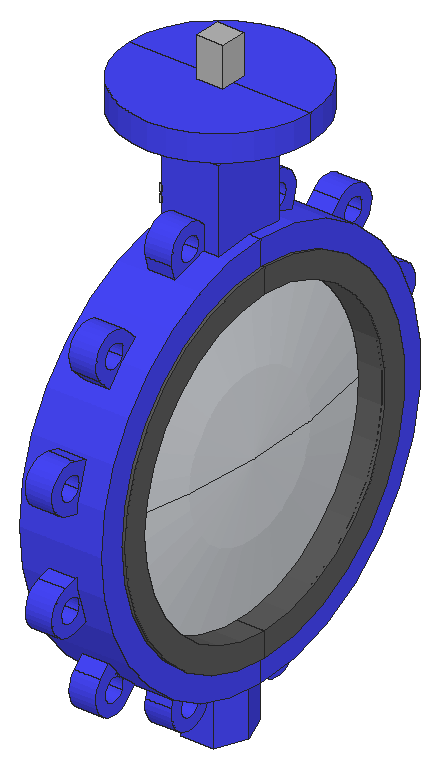
Revit family "931-20-001 DN250-350", category Pipe Accessories, Revit 2022
Family settings
  Round Connector Dimension = Use Diameter
  Part Type = Valve - Breaks Into
  Work Plane-Based = No
  Always vertical = Yes
  Cut with Voids When Loaded = No
  Shared = No
Parameters (values of type "DN250 PN10")
  wafer_fillet = wafer / 2  # 46.875 mm
  wafer_dim2 = size_lookup(Search_table, "wafer_dim2", 0 mm, DN)  # 86 mm
  wafer_dim1 = size_lookup(Search_table, "wafer_dim1", 0 mm, DN)  # 31 mm
  wafer_F = size_lookup(Search_table, "wafer_F", 0 mm, DN)  # 28 mm
  wafer = Actuator_Flange_R * 1.5  # 93.75 mm
  support = size_lookup(Search_table, "support", 0 mm, DN)  # 210 mm
  rubber = (D - Bore_R) / 2  # 20 mm
  logo = D + 10 mm  # 175 mm
  hole1 = G / 2  # 11 mm
  disk22 = disk * 1.3  # 14.3 mm
  disk2 = size_lookup(Search_table, "disk2", 0 mm, DN)  # 250 mm
  disk11 = disk1 * 1.3  # 28.6 mm
  disk1 = size_lookup(Search_table, "disk1", 0 mm, DN)  # 22 mm
  disk = size_lookup(Search_table, "disk", 0 mm, DN)  # 11 mm
  base_dis = D * 1.18  # 194.7 mm
  base1 = C / 5  # 13.6 mm
  base = C * 0.7 / 2  # 23.8 mm
  URL_product_pages = "https://www.avkvalves.com/P.aspx?no=93125020010020200000"
  Slot_dim = size_lookup(Search_table, "Slot_dim", 0 mm, DN) / 2  # 19 mm
  Search_table = "931-20-001 DN250-350"
  PCD_R = size_lookup(Search_table, "PCD_R", 0 mm, DN)  # 175 mm
  Hole1 = size_lookup(Search_table, "Hole1", 0 mm, DN)  # 19 mm
  Hole = G * 1.1  # 24.2 mm
  H = size_lookup(Search_table, "H", 0 mm, DN) / 2  # 75 mm
  G = size_lookup(Search_table, "G", 0 mm, DN)  # 22 mm
  Flange_T = size_lookup(Search_table, "Flange_T", 0 mm, DN)  # 22 mm
  Flange_R = size_lookup(Search_table, "Flange_R", 0 mm, DN)  # 200 mm
  F = size_lookup(Search_table, "F", 0 mm, DN)  # 32 mm
  E = size_lookup(Search_table, "E", 0 mm, DN)  # 273 mm
  Description_ = "AVK BUTTERFLY VALVE, LUG, PN10/16"
  Default Elevation = 0 mm
  DN350_PN16 = "931-350-20-020020200000"
  DN350_PN10 = "931-350-20-010020200000"
  DN300_PN16 = "931-300-20-020020200000"
  DN300_PN10 = "931-300-20-010020200000"
  DN250 PN16 = "931-250-20-020020200000"
  DN250 PN10 = "931-250-20-010020200000"
  DN = 250 mm
  DISK = 0 mm
  D = size_lookup(Search_table, "D", 0 mm, DN) / 2  # 165 mm
  C = size_lookup(Search_table, "C", 0 mm, DN)  # 68 mm
  Bore_R = size_lookup(Search_table, "Bore_R", 0 mm, DN)  # 125 mm
  Body_thickness = B1 * 1.05  # 132.3 mm
  Body_dim1 = C * 0.7  # 47.6 mm
  Body_dim = Actuator_Flange_R * 0.5  # 31.25 mm
  Body_Thickness = size_lookup(Search_table, "Body_Thickness", 0 mm, DN)  # 8 mm
  B1 = B + 1 mm  # 126 mm
  B = size_lookup(Search_table, "B", 0 mm, DN) / 2  # 125 mm
  Actuator_Flange_R = size_lookup(Search_table, "Actuator_Flange_R", 0 mm, DN) / 2  # 62.5 mm
  Actuator_FL_T = size_lookup(Search_table, "Actuator_FL_T", 0 mm, DN)  # 22 mm
  2 = 3 mm  # constant formula
  1 = 1 mm  # constant formula
Types (7, lengths in mm): name | wafer_fillet | wafer_dim2 | wafer_dim1 | wafer_F | wafer | support | rubber | logo | hole1 | disk22 | disk2 | disk11 | disk1 | disk | base_dis | base1 | base | PCD_R | Hole1 | Hole | H | G | Flange_T | Flange_R | E | DN | D | C | Bore_R | Body_thickness | Body_dim1 | Body_dim | Body_Thickness | B1 | B | Actuator_Flange_R | Actuator_FL_T
  (no name) | 46.875 | 86 | 31 | 28 | 93.75 | 210 | 20 | 175 | 11 | 14.3 | 250 | 28.6 | 22 | 11 | 194.7 | 13.6 | 23.8 | 175 | 19 | 24.2 | 75 | 22 | 22 | 200 | 273 | 250 | 165 | 68 | 125 | 132.3 | 47.6 | 31.25 | 8 | 126 | 125 | 62.5 | 22
  DN250 PN10 | 46.875 | 86 | 31 | 28 | 93.75 | 210 | 20 | 175 | 11 | 14.3 | 250 | 28.6 | 22 | 11 | 194.7 | 13.6 | 23.8 | 175 | 19 | 24.2 | 75 | 22 | 22 | 200 | 273 | 250 | 165 | 68 | 125 | 132.3 | 47.6 | 31.25 | 8 | 126 | 125 | 62.5 | 22
  DN250 PN16 | 46.875 | 78 | 32 | 28 | 93.75 | 210 | 20 | 175 | 11 | 15.6 | 250 | 28.6 | 22 | 12 | 194.7 | 13.6 | 23.8 | 177.5 | 19 | 24.2 | 75 | 22 | 20 | 200 | 273 | 250.1 | 165 | 68 | 125 | 132.3 | 47.6 | 31.25 | 8 | 126 | 125 | 62.5 | 20
  DN300_PN10 | 46.875 | 90 | 38 | 29 | 93.75 | 238 | 19 | 198 | 11 | 15.6 | 300 | 28.6 | 22 | 12 | 221.84 | 15.6 | 27.3 | 200 | 21 | 24.2 | 75 | 22 | 24.5 | 227.5 | 311 | 300 | 188 | 78 | 150 | 158.55 | 54.6 | 31.25 | 8 | 151 | 150 | 62.5 | 20
  DN300_PN16 | 46.875 | 85 | 40 | 29 | 93.75 | 238 | 19 | 198 | 11 | 15.6 | 300 | 29.9 | 23 | 12 | 221.84 | 15.6 | 27.3 | 205 | 21 | 24.2 | 75 | 22 | 24.5 | 227.5 | 311 | 300.1 | 188 | 78 | 150 | 158.55 | 54.6 | 31.25 | 8 | 151 | 150 | 62.5 | 20
  DN350_PN10 | 56.25 | 112.5 | 24.5 | 40 | 112.5 | 248 | 19 | 223 | 13.5 | 19.5 | 348 | 35.1 | 27 | 15 | 251.34 | 15.6 | 27.3 | 230 | 23.5 | 29.7 | 87.5 | 27 | 24.5 | 200 | 306 | 350 | 213 | 78 | 175 | 183.75 | 54.6 | 37.5 | 2 | 175 | 174 | 75 | 20
  DN350_PN16 | 56.25 | 112.5 | 26.5 | 40 | 112.5 | 248 | 19 | 223 | 13.5 | 19.5 | 348 | 35.1 | 27 | 15 | 251.34 | 15.6 | 27.3 | 235 | 23.5 | 29.7 | 87.5 | 27 | 26.5 | 200 | 306 | 350.1 | 213 | 78 | 175 | 183.75 | 54.6 | 37.5 | 2 | 175 | 174 | 75 | 20
Reference planes
  plane 1 "Center (Front/Back)": y = 0
  plane 2: z = 0
  plane 3 "Center (Left/Right)": x = 0
  plane 4: z = 227.5
  plane 5: x = -34
  plane 6: x = 34
  plane 7: z = 125
  plane 8: z = 273
  plane 9: z = 305
  plane 10: x = -11
  plane 11: x = 11
  plane 12: z = -62.5
  plane 13: z = 62.5
  plane 14: y = 11
  plane 15: y = -11
  plane 16: y = 11
  plane 17: y = -11
  plane 18: x = -23.8
  plane 19: x = 23.8
  plane 20: y = 31.25
  plane 21: y = -31.25
  plane 22: z = 251
  plane 23: z = 165
  plane 24: z = 133
  plane 25: z = 251
  plane 26: x = -37
  plane 27: x = 37
  plane 28: x = -75
  plane 29: x = 75
  plane 30: z = 125
  plane 31: z = -125
  plane 32: z = -125
  plane 33: z = 125
  plane 34: x = -11
  plane 35: x = 11
  plane 36: y = 23.8
  plane 37: y = -23.8
  plane 38: x = -12.469
  plane 39: x = 12.469
  plane 40: z = 165
  plane 41: z = -165
  plane 42: through (0, 0, 0) normal (0, 0.2588, 0.9659)
  plane 43: through (0, 0, 0) normal (0, -0.2588, 0.9659)
  plane 44: through (0, 0, 0) normal (0, 0.9659, -0.2588)
  plane 45: through (0, 0, 0) normal (0, 0.9659, 0.2588)
  plane 46: through (0, 0, 0) normal (0, 0.7071, 0.7071)
  plane 47: through (0, 0, 0) normal (0, 0.7071, -0.7071)
  plane 48: through (0, 0, 0) normal (0, 0.7071, -0.7071)
  plane 49: through (0, 0, 0) normal (0, 0.7071, 0.7071)
  plane 50: z = 175
Forms (mm)
  Revolve 1, solid, material "Default Roof"
    sketch origin (0, 0, 0) x (1, 0, 0) y (0, 0, 1)
      loop
        line (-34, 126) -> (34, 126) -> (34, 165) -> (-34, 165) -> (-34, 126)
      axis (-34, 0) -> (34, 0)
    angle from 0 to 360
  Revolve 2, solid, material "Default Roof"
    sketch origin (0, 0, 0) x (1, 0, 0) y (0, 0, 1)
      loop
        line (0, 273) -> (0, 251) -> (75, 251) -> (75, 273) -> (0, 273)
      axis (0, 273) -> (0, 251)
    angle from 0 to 360
  Extrusion 3, solid, material "Default Wall"
    sketch origin (0, 0, 0) x (1, 0, 0) y (0, 0, 1)
      loop
        line (-11, 305) -> (-11, 273) -> (11, 273) -> (11, 305) -> (-11, 305)
    from -11 to 11
  Extrusion 4, solid, material "Default Roof"
    sketch origin (0, 0, 0) x (1, 0, 0) y (0, 0, 1)
      loop
        line (-23.8, 251) -> (-23.8, 125) -> (23.8, 125) -> (23.8, 251) -> (-23.8, 251)
    from -31.25 to 31.25
  Extrusion 5, void
    sketch origin (0, 0, 0) x (0, 1, 0) y (0, 0, 1)
      loop
        line (31.25, 251) -> (9.25, 251) -> (9.25, 229) -> (31.25, 229) -> (31.25, 251)
      loop
        line (-9.25, 251) -> (-31.25, 251) -> (-31.25, 229) -> (-9.25, 229) -> (-9.25, 251)
    from 12 to 34
  Extrusion 6, void
    sketch origin (0, 0, 0) x (0, 1, 0) y (0, 0, 1)
      loop
        line (9.25, 229) -> (31.25, 229) -> (31.25, 251) -> (9.25, 251) -> (9.25, 229)
      loop
        line (-9.25, 251) -> (-31.25, 251) -> (-31.25, 229) -> (-9.25, 229) -> (-9.25, 251)
    from -34 to -12
  Revolve 7, solid, material "Default"
    sketch origin (0, 0, 0) x (1, 0, 0) y (0, 0, 1)
      loop
        line (-37, 145) -> (-37, 125) -> (37, 125) -> (37, 145) -> (34, 145) -> (34, 126) -> (-34, 126) -> (-34, 145) -> (-37, 145)
      axis (-37, 0) -> (37, 0)
    angle from 0 to 360
  Extrusion 8, solid, material "Default Roof"
    sketch origin (0, 0, 0) x (1, 0, 0) y (0, 1, 0)
      loop
        line (-23.8, 0) -> (-13.6, -23.8) -> (13.6, -23.8) -> (23.8, 0) -> (13.6, 23.8) -> (-13.6, 23.8) -> (-23.8, 0)
    from -210 to -128
  Revolve 9, solid
    sketch origin (0, 0, 0) x (1, 0, 0) y (0, 1, 0)
      loop
        line (-28.6, 0) -> (28.6, 0)
        arc (28.6, 0) -> (25.141, 62.922) -> (14.3, 125) r 534.462
        line (14.3, 125) -> (-14.3, 125)
        arc (-14.3, 125) -> (-25.141, 62.922) -> (-28.6, 0) r 534.462
      axis (-28.6, 0) -> (28.6, 0)
    angle from 0 to 360
  Extrusion 10, solid, material "Default Roof"
    sketch origin (0, 0, 0) x (0, -0.92388, 0.382683) y (0, -0.382683, -0.92388)
      loop
        arc (3.976, -175.758) -> (25.21, -192.355) -> (41.68, -171.023) r 19
        line (41.68, -171.023) -> (28.093, -67.822) -> (91.46, -150.403)
        arc (91.46, -150.403) -> (118.189, -153.841) -> (121.468, -127.091) r 19
        line (121.468, -127.091) -> (55.899, -43.72) -> (154.408, -84.523)
        arc (154.408, -84.523) -> (179.233, -74.241) -> (168.95, -49.416) r 19
        line (168.95, -49.416) -> (72.782, -9.582) -> (175.983, 4.005)
        arc (175.983, 4.005) -> (192.34, 25.322) -> (171.023, 41.68) r 19
        line (171.023, 41.68) -> (67.822, 28.093) -> (150.403, 91.46)
        arc (150.403, 91.46) -> (153.911, 118.1) -> (127.27, 121.607) r 19
        line (127.27, 121.607) -> (44.689, 58.24) -> (84.523, 154.408)
        arc (84.523, 154.408) -> (74.241, 179.233) -> (49.416, 168.95) r 19
        line (49.416, 168.95) -> (9.582, 72.782) -> (-4.005, 175.983)
        arc (-4.005, 175.983) -> (-25.322, 192.34) -> (-41.68, 171.023) r 19
        line (-41.68, 171.023) -> (-28.093, 67.822) -> (-91.46, 150.403)
        arc (-91.46, 150.403) -> (-118.1, 153.911) -> (-121.607, 127.27) r 19
        line (-121.607, 127.27) -> (-58.24, 44.689) -> (-154.408, 84.523)
        arc (-154.408, 84.523) -> (-179.233, 74.241) -> (-168.95, 49.416) r 19
        line (-168.95, 49.416) -> (-72.782, 9.582) -> (-175.983, -4.005)
        arc (-175.983, -4.005) -> (-192.34, -25.322) -> (-171.023, -41.68) r 19
        line (-171.023, -41.68) -> (-67.822, -28.093) -> (-150.403, -91.46)
        arc (-150.403, -91.46) -> (-153.911, -118.1) -> (-127.27, -121.607) r 19
        line (-127.27, -121.607) -> (-44.689, -58.24) -> (-84.523, -154.408)
        arc (-84.523, -154.408) -> (-74.241, -179.233) -> (-49.416, -168.95) r 19
        line (-49.416, -168.95) -> (-8.612, -70.441) -> (3.976, -175.758)
      loop
        circle (22.842, -173.503) r 9.5
      loop
        circle (138.837, 106.533) r 9.5
      loop
        circle (173.503, 22.842) r 9.5
      loop
        circle (161.679, -66.97) r 9.5
      loop
        circle (106.533, -138.837) r 9.5
      loop
        circle (-66.97, -161.679) r 9.5
      loop
        circle (-138.837, -106.533) r 9.5
      loop
        circle (-173.503, -22.842) r 9.5
      loop
        circle (-161.679, 66.97) r 9.5
      loop
        circle (-106.533, 138.837) r 9.5
      loop
        circle (-22.842, 173.503) r 9.5
      loop
        circle (66.97, 161.679) r 9.5
    from -11 to 11
Cuts and joins
  Extrusion 5, Extrusion 6 cuts Revolve 2
  Extrusion 5, Extrusion 6 cuts Extrusion 4
Dimensions and locks
  "B": plane 7 to level
  equal spacing: plane 6, plane 3 "Center (Left/Right)", plane 5
  "C": plane 6 to plane 5
  "E": plane 8 to level
  equal spacing: plane 11, plane 3 "Center (Left/Right)", plane 10
  "G": plane 11 to plane 10
  "F": plane 9 to plane 8
  equal spacing: plane 13, level, plane 12
  "B": plane 13 to plane 12
  "H": Revolve 2 sketch curve to plane 3 "Center (Left/Right)"
  "Actuator_FL_T": plane 8 to Revolve 2 sketch curve
  equal spacing: Extrusion 3 sketch curve, plane 3 "Center (Left/Right)", Extrusion 3 sketch curve
  equal spacing: plane 14, plane 1 "Center (Front/Back)", plane 15
  "G": plane 14 to plane 15
  equal spacing: plane 16, plane 1 "Center (Front/Back)", plane 17
  "G": plane 16 to plane 17
  equal spacing: Extrusion 4 sketch curve, plane 3 "Center (Left/Right)", Extrusion 4 sketch curve
  "Actuator_FL_T": plane 8 to Extrusion 4 sketch curve
  equal spacing: plane 19, plane 3 "Center (Left/Right)", plane 18
  "Body_dim1": plane 19 to plane 18
  equal spacing: plane 20, plane 1 "Center (Front/Back)", plane 21
  "Body_dim": plane 20 to plane 1 "Center (Front/Back)"
  "Actuator_FL_T": plane 8 to Extrusion 5 sketch curve
  "Flange_T": plane 20 to Extrusion 5 sketch curve
  "Actuator_FL_T": plane 8 to plane 22
  "Flange_T": plane 22 to Extrusion 5 sketch curve
  equal spacing: Extrusion 5 sketch curve, plane 1 "Center (Front/Back)", Extrusion 5 sketch curve
  "G": plane 6 to cut or joined group of Extrusion 4, Extrusion 5, Extrusion 6
  "G": cut or joined group of Extrusion 4, Extrusion 5, Extrusion 6 to plane 5
  equal spacing: Revolve 7 sketch curve, plane 3 "Center (Left/Right)", Revolve 7 sketch curve  (x2)
  "2": plane 5 to Revolve 7 sketch curve
  "B1": Revolve 1 sketch curve to level
  "D": plane 23 to level
  "rubber": Revolve 7 sketch curve to plane 7
  "Body_Thickness": plane 24 to plane 7
  "Actuator_FL_T": plane 8 to plane 25
  "Flange_T": plane 25 to cut or joined group of Extrusion 4, Extrusion 5, Extrusion 6
  equal spacing: cut or joined group of Extrusion 4, Extrusion 5, Extrusion 6, plane 1 "Center (Front/Back)", cut or joined group of Extrusion 4, Extrusion 5, Extrusion 6
  "Flange_T": plane 20 to cut or joined group of Extrusion 4, Extrusion 5, Extrusion 6
  equal spacing: plane 27, plane 3 "Center (Left/Right)", plane 26
  "2": plane 5 to plane 26
  plane 27 to plane 26 = 74 mm
  equal spacing: plane 29, plane 3 "Center (Left/Right)", plane 28
  "H": plane 29 to plane 3 "Center (Left/Right)"
  equal spacing: plane 31, level, plane 30
  "disk2": plane 31 to plane 30
  "1": plane 30 to Revolve 7 sketch curve
  plane 6 to plane 5 = 68 mm  (x2)
  plane 28 to plane 29 = 150 mm
  equal spacing: plane 33, level, plane 32
  "disk2": plane 7 to plane 32
  equal spacing: plane 34, plane 3 "Center (Left/Right)", plane 35
  "G": plane 35 to plane 34
  equal spacing: plane 37, plane 1 "Center (Front/Back)", plane 36
  equal spacing: plane 38, plane 3 "Center (Left/Right)", plane 39
  equal spacing: Extrusion 8 sketch curve, plane 3 "Center (Left/Right)", Extrusion 8 sketch curve  (x3)
  "base": plane 1 "Center (Front/Back)" to plane 36
  "base": Extrusion 8 sketch curve to plane 3 "Center (Left/Right)"
  "base1": Extrusion 8 sketch curve to plane 3 "Center (Left/Right)"  (x2)
  "support": level to Extrusion 8
  "2": plane 32 to Extrusion 8
  equal spacing: plane 40, level, plane 41
  plane 40 to plane 41 = 330 mm
  "D": plane 40 to level
  plane 29 to plane 28 = 150 mm
  equal spacing: Revolve 9 sketch curve, plane 3 "Center (Left/Right)", Revolve 9 sketch curve  (x2)
  "disk11": Revolve 9 sketch curve to plane 3 "Center (Left/Right)"
  "disk22": Revolve 9 sketch curve to plane 3 "Center (Left/Right)"
  "B": plane 1 "Center (Front/Back)" to Revolve 9 sketch curve
  "Slot_dim": plane 44 to Extrusion 10 sketch curve
  "PCD_R": Extrusion 10 sketch curve to plane 42
  "PCD_R": plane 43 to Extrusion 10 sketch curve
  "Slot_dim": plane 45 to Extrusion 10 sketch curve
  "Slot_dim": plane 46 to Extrusion 10 sketch curve
  equal spacing: Extrusion 10 sketch curve, plane 46, Extrusion 10 sketch curve  (x2)
  "PCD_R": Extrusion 10 sketch curve to plane 47
  "Slot_dim": Extrusion 10 sketch curve to plane 43
  equal spacing: Extrusion 10 sketch curve, plane 43, Extrusion 10 sketch curve  (x2)
  "PCD_R": plane 45 to Extrusion 10 sketch curve
  "Slot_dim": Extrusion 10 sketch curve to plane 42
  equal spacing: Extrusion 10 sketch curve, plane 42, Extrusion 10 sketch curve  (x2)
  "PCD_R": Extrusion 10 sketch curve to plane 44
  "PCD_R": plane 47 to Extrusion 10 sketch curve
  "Slot_dim": Extrusion 10 sketch curve to plane 46
  "Slot_dim": Extrusion 10 sketch curve to plane 45
  equal spacing: Extrusion 10 sketch curve, plane 45, Extrusion 10 sketch curve
  "Slot_dim": Extrusion 10 sketch curve to plane 44
  "PCD_R": Extrusion 10 sketch curve to plane 43
  "PCD_R": plane 42 to Extrusion 10 sketch curve
  equal spacing: Extrusion 10 sketch curve, plane 44, Extrusion 10 sketch curve
  "Slot_dim": plane 47 to Extrusion 10 sketch curve  (x2)
  equal spacing: Extrusion 10 sketch curve, plane 47, Extrusion 10 sketch curve  (x2)
  "PCD_R": plane 46 to Extrusion 10 sketch curve
  "Slot_dim": plane 43 to Extrusion 10 sketch curve
  "PCD_R": Extrusion 10 sketch curve to plane 45
  "PCD_R": Extrusion 10 sketch curve to plane 46
  "PCD_R": plane 44 to Extrusion 10 sketch curve
  "Slot_dim": plane 42 to Extrusion 10 sketch curve
  equal spacing: Extrusion 10, level, Extrusion 10  (x2)
  equal spacing: Extrusion 10, plane 1 "Center (Front/Back)", Extrusion 10  (x2)
  equal spacing: Extrusion 10, plane 49, Extrusion 10
  equal spacing: Extrusion 10, plane 48, Extrusion 10
  "logo": plane 50 to level
  "Hole1": diameter of Extrusion 10 sketch curve  (x12)
  angle plane 1 "Center (Front/Back)" to plane 44 = 15.00°  (x2)
  angle plane 45 to plane 1 "Center (Front/Back)" = 15.00°  (x2)
  angle level to plane 42 = 15.00°  (x2)
  angle plane 43 to level = 15.00°  (x2)
  angle level to plane 46 = 45.00°
  angle plane 1 "Center (Front/Back)" to plane 47 = 45.00°
  angle level to plane 49 = 45.00°
  angle plane 48 to level = 45.00°
  aligned and locked: level to plane 2
  aligned and locked: plane 5 to Revolve 1 sketch curve
  aligned and locked: plane 6 to Revolve 1 sketch curve
  aligned and locked: Revolve 1 sketch curve to level
  aligned and locked: plane 3 "Center (Left/Right)" to Revolve 2 sketch curve
  aligned and locked: Revolve 2 sketch curve to plane 8
  aligned and locked: Revolve 2 sketch curve to plane 3 "Center (Left/Right)"
  aligned and locked: plane 10 to Extrusion 3 sketch curve
  aligned and locked: plane 8 to Extrusion 3 sketch curve
  aligned and locked: Extrusion 3 sketch curve to plane 9
  aligned and locked: Extrusion 3 to plane 16
  aligned and locked: Extrusion 3 to plane 17
  aligned and locked: Extrusion 4 sketch curve to plane 18
  aligned and locked: plane 7 to Extrusion 4 sketch curve
  aligned and locked: Extrusion 4 to plane 20
  aligned and locked: Extrusion 4 to plane 21
  aligned and locked: Extrusion 5 sketch curve to plane 22
  aligned and locked: plane 21 to Extrusion 5 sketch curve
  aligned and locked: Extrusion 5 sketch curve to Extrusion 5 sketch curve
  aligned and locked: plane 6 to Extrusion 5
  aligned and locked: cut or joined group of Revolve 2, Extrusion 5, Extrusion 6 to Extrusion 6 sketch curve  (x2)
  aligned and locked: Extrusion 6 to plane 5
  aligned and locked: Revolve 7 sketch curve to Revolve 7 sketch curve
  aligned and locked: Revolve 7 sketch curve to level
  aligned and locked: Revolve 7 sketch curve to plane 5
  aligned and locked: Extrusion 6 to plane 20
  aligned and locked: Extrusion 6 to plane 21
  aligned and locked: Extrusion 5 to plane 20
  aligned and locked: cut or joined group of Extrusion 4, Extrusion 5, Extrusion 6 to cut or joined group of Extrusion 4, Extrusion 5, Extrusion 6
  aligned and locked: Revolve 7 sketch curve to plane 7
  aligned and locked: plane 36 to Extrusion 8 sketch curve
  aligned and locked: Extrusion 8 sketch curve to plane 37
  aligned and locked: plane 1 "Center (Front/Back)" to Revolve 9 sketch curve
  aligned and locked: Extrusion 10 to plane 10
  aligned and locked: Extrusion 10 to plane 11
  aligned and locked: plane 1 "Center (Front/Back)" to nested 1
Automatic sketch dimensions
  Extrusion 6 sketch curve to plane 21 = 0 mm
  Extrusion 6 sketch curve to plane 20 = 0 mm
  plane 17 to Extrusion 6 sketch curve = 1.75 mm
  plane 16 to Extrusion 6 sketch curve = 1.75 mm
  Extrusion 6 sketch curve to Extrusion 6 sketch curve = 22 mm  (x2)
  Revolve 1 sketch curve to plane 23 = 0 mm
  plane 10 to Revolve 1 sketch curve = 0.688 mm
  Revolve 1 sketch curve to plane 6 = 7.188 mm
  Revolve 2 sketch curve to plane 25 = 2.849 mm
  Revolve 2 sketch curve to Revolve 2 sketch curve = 2 mm
  Extrusion 5 sketch curve to plane 20 = 0 mm
  plane 5 to Revolve 7 sketch curve = 1.194 mm
  Revolve 7 sketch curve to plane 29 = 28.711 mm
  plane 1 "Center (Front/Back)" to Extrusion 8 sketch curve = 0 mm  (x2)
  plane 1 "Center (Front/Back)" to Revolve 9 sketch curve = 0 mm
  Revolve 9 sketch curve to plane 1 "Center (Front/Back)" = 2.176 mm  (x2)
  Revolve 9 sketch curve to plane 28 = 8.672 mm
  Revolve 9 sketch curve to plane 6 = 1.366 mm
  Extrusion 10 sketch curve to Extrusion 10 sketch curve = 0 mm  (x24)
  Extrusion 10 sketch curve to plane 46 = 0 mm
  plane 44 to Extrusion 10 sketch curve = 0 mm
  plane 45 to Extrusion 10 sketch curve = 0 mm
  Extrusion 10 sketch curve to Extrusion 10 sketch curve = 2.48 mm
  Extrusion 10 sketch curve to Extrusion 10 sketch curve = 11.566 mm
  Extrusion 10 sketch curve to Extrusion 10 sketch curve = 15.074 mm
  Extrusion 10 sketch curve to Extrusion 10 sketch curve = 36.705 mm
  Extrusion 10 sketch curve to Extrusion 10 sketch curve = 18.837 mm
  Extrusion 10 sketch curve to Extrusion 10 sketch curve = 27.806 mm
Nested families
  nested 1: "logo medium-1" at (-23.8, 0, 178.5) x (0, -1, 0) z (-1, 0, 0), type "logo medium-1"
Connectors
  piping at (-37, 0, 0), diameter 250, driven by "DN"
    settings: on Revolve 7, index 1, connector inside diameter 609.6 mm, connector length 0 mm, flow factor 0, pipe flow 0.0 L/s, pressure drop 0.0 Pa, fitting loss kfactor 0, connector angle 0.00°, fixture units 0, engagement length 0 mm, angle of deflection 0.00°, flow configuration 0, flow direction 0, fitting loss method 0, system type 7, joint type 0, gender type 0, connector reference index -1, connector utility 0, adjustable connector no, is connector primary yes, connector description ""
  piping at (37, 0, 0), diameter 250, driven by "DN"
    settings: on Revolve 7, index 2, connector inside diameter 609.6 mm, connector length 0 mm, flow factor 0, pipe flow 0.0 L/s, pressure drop 0.0 Pa, fitting loss kfactor 0, connector angle 0.00°, fixture units 0, engagement length 0 mm, angle of deflection 0.00°, flow configuration 0, flow direction 0, fitting loss method 0, system type 7, joint type 0, gender type 0, connector reference index -1, connector utility 0, adjustable connector no, is connector primary no, connector description ""
Definition of nested family "logo medium-1"
  Parameters
    Default Elevation = 1219.2 mm
  Reference planes
    plane 1 "Center (Front/Back)": y = 0
    plane 2: z = 0
    plane 3 "Center (Left/Right)": x = 0
  Forms (mm)
    Extrusion 1, solid
      sketch origin (0, 0, 0) x (1, 0, 0) y (0, 1, 0)
        loop
          line (-1219.2, 1219.2) -> (-1219.2, -1219.2) -> (1219.2, -1219.2) -> (1219.2, 1219.2) -> (-1219.2, 1219.2)
      from 0 to -188.781
    Extrusion 2, solid
      sketch origin (0, 0, 0) x (1, 0, 0) y (0, 1, 0)
        loop
          line (-30.911, 14.607) -> (-12.952, 14.607) -> (-3.438, -8.594) -> (3.26, -8.594) -> (12.676, 14.607) -> (30.732, 14.607) -> (30.732, 20.529) -> (7.968, 20.529) -> (0, 0) -> (-8.195, 20.529) -> (-30.911, 20.529) -> (-30.911, 14.607)
        loop
          line (30.732, 6.453) -> (30.732, 12.569) -> (24.908, 12.569)
          arc (24.908, 12.569) -> (22.993, 7.075) -> (17.724, 4.608) r 7.492
          line (17.724, 4.608) -> (20.928, 12.569) -> (14.521, 12.569) -> (5.881, -8.594) -> (12.434, -8.594) -> (15.777, -0.405) -> (21.354, -8.594) -> (29.424, -8.594) -> (22.319, 0.649)
          arc (22.319, 0.649) -> (26.344, 2.972) -> (29.424, 6.453) r 14.456
          line (29.424, 6.453) -> (30.732, 6.453)
        loop
          line (-5.865, -8.594) -> (-14.796, 12.569) -> (-30.911, 12.569) -> (-30.911, 6.453) -> (-25.086, 6.453) -> (-30.911, -8.594) -> (-25.086, -8.594) -> (-23.728, -5.084) -> (-13.656, -5.084) -> (-12.175, -8.594) -> (-5.865, -8.594)
        loop
          line (-18.776, 7.618) -> (-21.494, 0) -> (-15.961, 0) -> (-18.776, 7.618)
      from 0 to 2
  Dimensions and locks
    aligned and locked: plane 2 to Extrusion 1
    aligned and locked: level to Extrusion 1
    aligned and locked: Extrusion 2 sketch curve to import instance  (x36)
